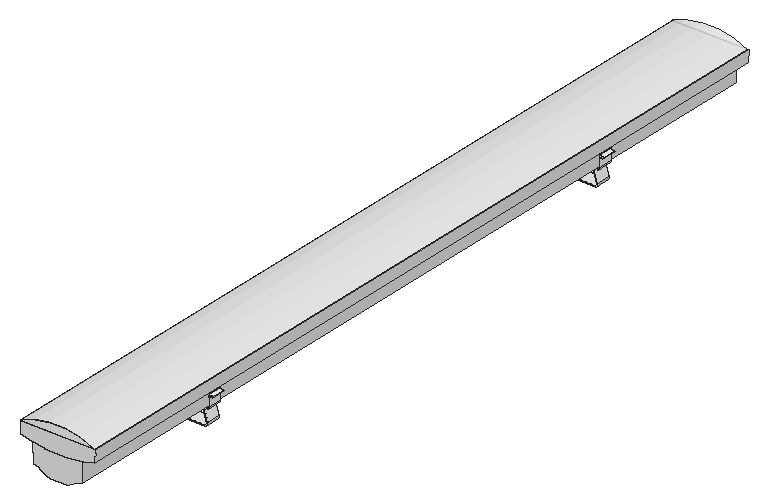
Revit family "Lighting-Industrial-GEWISS-SMART[3]-WATERTIGHT-LED_OPAL_1200mm", category Apparecchi per illuminazione, host Superficie, Revit 2019
Family settings
  Host = Superficie
  Quota connettore circolare = Usa diametro
  Tipo di parte = Normale
  Numero OmniClass = 23.80.70.11
  Titolo OmniClass = Luminaries for Internal Lighting
  Taglio con vuoti quando caricato = No
  Sorgente d'illuminazione = No
  Condiviso = No
  Punto di calcolo locali = Sì
Parameters (values of type "GWS3236PD30K - SMART3 LED 1200 2X36 OPALE DALI 30K")
  Working temperature = "-25 +50 °C"
  Weight (kg): = "2"
  Warranty = "5 years"
  Voltage = "220/240 V - 50/60 Hz - Dali"
  Visibilita_etichetta [instance] = yes
  Version file RFA = "20.11"
  URL = "https://www.gewiss.com/ww/en"
  Typology = "DALI"
  Type of light source = "LED - Not replaceable"
  Technical sheet = "https://www.gewiss.com/ww/en/search?q=GWS3236PD30K"
  System power = "40W"
  Struttura = GEWISS - SMART 3 - GRIGIO
  Stampa 1_200 = no
  Stampa 1_100 = not(Stampa 1_200)  # yes
  Spostamento_Y_etichetta [instance] = 0 mm
  Spostamento_Y_effettivo_etichetta [instance] = 1500 mm - Spostamento_Y_etichetta  # 1500 mm
  Spostamento_X_etichetta [instance] = 0 mm
  Spostamento_X_effettivo_etichetta [instance] = 1500 mm - Spostamento_X_etichetta  # 1500 mm
  Shock resistance = "IK08"
  Shield type = "Opal"
  Schermo. = Gewiss - Led Acceso
  SEO = "Luminaire"
  Realized by GEWISS S.p.A. = ""
  Default Elevation = 1219.2 mm
  Produttore = "GEWISS S.p.A."
  Operating temperature: = "-30 +50 °C"
  Nominal flux (lm) = "5500"
  No. LED (#) = "63"
  Modello = "GWS3236PD30K"
  Lunghezza Lampada = 1200 mm  # constant formula
  Lumen output (lm) = "4500"
  Length = "1200 mm"
  Lampada = "LED"
  Lamp = "LED"
  LED LifeTime (L80B20) = "85000H"
  LED Life time (L80B50) = "100000H"
  LED Life time (L70) = "80000H"
  LED Life Time (L90B50) = "50000H"
  Insulation class = "II"
  Immagine tipo = GWS3136P.jpg
  IP degree = "IP66/IP69"
  IFC.TypeObject = ""
  IFC.ExportType = ""
  IFC.ExportAs = ""
  IDT = "6d1ae202-d28e-42ab-a03c-f890c181dcac"
  IDF = "ad29ddb6-f95d-4c90-95e8-3fbb30e2f282"
  Glow Wire Test = "850°C"
  Ganci = GEWISS  - ALLUMINIO
  Failure rate apparecchio (50.000h, Tq=25Â° C) = "<2,5%"
  Failure rate apparecchio (35.000h, Tq=35Â° C) = "<2,5%"
  Electrocod = "2434"
  Efficiency class of integrated LEDs = "A ÷ A++"
  EAN code = "8011564877061"
  Driver type = "Constant Current Driver Led"
  Device with reduced surface temperature = "Complying"
  Descrizione = "SMART3 1200 63LED OPALE DALI 30K"
  Commenti sul wattaggio = "45W"
  Colour temperature: = "3000 K (CRI 80)"
  Colour temperature = "3000 K (CRI 80)"
  Catalogue Range = "SMART [3]"
  Catalogue = "LIGHTING"
  Carico apparente = 45 VA
  COBie.Tagnumber = ""
  COBie.CreatedOn = ""
  COBie.CreatebBy = ""
  COBie.ComponentRegisterItemID = ""
  COBie.Component.TagNumber = ""
  COBie.Component.Space = ""
  COBie.Component.SerialNumber = ""
  COBie.Component.InstallationDate = ""
  COBie.Component.Description = ""
  COBie.Component.BarCode = ""
  Application = "Internal"
Types (17, lengths in mm): name | Voltage | Typology | Technical sheet | System power | Shield type | Nominal flux (lm) | No. LED (#) | Modello | Lumen output (lm) | IDT | EAN code | Descrizione | Commenti sul wattaggio | Colour temperature: | Colour temperature | Carico apparente
  (no name) | "220/240 V - 50/60 Hz - Dali" | "DALI" | "https://www.gewiss.com/ww/en/search?q=GWS3236PD30K" | "40W" | "Opal" | "5500" | "63" | "GWS3236PD30K" | "4500" | "6d1ae202-d28e-42ab-a03c-f890c181dcac" | "8011564877061" | "SMART3 1200 63LED OPALE DALI 30K" | "20W" | "3000 K (CRI 80)" | "3000 K (CRI 80)" | 20 VA
  GWS3236P57K - SMART3 LED 1200 2X36 OPAL 57K | "220/240 V - 50/60 Hz - Stand alone" | "Stand alone" | "https://www.gewiss.com/ww/en/search?q=GWS3236P57K" | "40W" | "Opal" | "5500" | "63" | "GWS3236P57K" | "4500" | "f4670a3a-d920-4993-b4a1-7a7209a80b32" | "8011564872417" | "SMART3 1200 63LED OPALE 57K" | "43W" | "5700 K (CRI 80)" | "5700 K (CRI 80)" | 43 VA
  GWS3236PD - SMART3 LED 1200 2X36 OPAL DALI | "220/240 V - 50/60 Hz - Dali" | "DALI" | "https://www.gewiss.com/ww/en/search?q=GWS3236PD" | "40W" | "Opal" | "5500" | "63" | "GWS3236PD" | "4500" | "bcbc1ff6-813a-452e-a920-af4e6536ddc7" | "8011564869226" | "SMART3 1200 63LED OPALE DALI" | "45W" | "4000 K (CRI 80)" | "4000 K (CRI 80)" | 45 VA
  GWS3236PD30K - SMART3 LED 1200 2X36 OPALE DALI 30K | "220/240 V - 50/60 Hz - Dali" | "DALI" | "https://www.gewiss.com/ww/en/search?q=GWS3236PD30K" | "40W" | "Opal" | "5500" | "63" | "GWS3236PD30K" | "4500" | "6d1ae202-d28e-42ab-a03c-f890c181dcac" | "8011564877061" | "SMART3 1200 63LED OPALE DALI 30K" | "45W" | "3000 K (CRI 80)" | "3000 K (CRI 80)" | 45 VA
  GWS3236PD57K - SMART3 LED 1200 2X36 OPAL DALI 57K | "220/240 V - 50/60 Hz - Dali" | "DALI" | "https://www.gewiss.com/ww/en/search?q=GWS3236PD57K" | "40W" | "Opal" | "5500" | "63" | "GWS3236PD57K" | "4500" | "9f6dd6ad-c686-4a06-881d-54e529a95397" | "8011564877078" | "SMART3 1200 63LED OPALE DALI 57K" | "45W" | "5700 K (CRI 80)" | "5700 K (CRI 80)" | 45 VA
  GWS3136PL - SMART3 LED 1200 1X36 OPALE LP | "220/240 V - 50/60 Hz - Stand alone" | "Stand alone" | "https://www.gewiss.com/ww/en/search?q=GWS3136PL" | "20W" | "Opal with feed-through wiring" | "2900" | "54" | "GWS3136PL" | "2300" | "74bcd6f5-0182-4508-bd13-301becc1230f" | "8011564857582" | "SMART3 1200 54LED OPALE LP" | "20W" | "4000 K (CRI 80)" | "4000 K (CRI 80)" | 20 VA
  GWS3136PLD - SMART3 LED 1200 1X36 OPALE DALI LP | "220/240 V - 50/60 Hz - Dali" | "DALI" | "https://www.gewiss.com/ww/en/search?q=GWS3136PLD" | "21W" | "Opal with feed-through wiring" | "2900" | "54" | "GWS3136PLD" | "2300" | "20602e6c-2f47-4c8c-bf98-4875574b0b81" | "8011564872042" | "SMART3 1200 54LED OPALE DALI LP" | "20W" | "4000 K (CRI 80)" | "4000 K (CRI 80)" | 20 VA
  GWS3236PL - SMART3 LED 1200 2X36 OPAL QW | "220/240 V - 50/60 Hz - Stand alone" | "Stand alone" | "https://www.gewiss.com/ww/en/search?q=GWS3236PL" | "40W" | "Opal with feed-through wiring" | "5500" | "63" | "GWS3236PL" | "4500" | "6bdd60c4-5580-4a93-9967-79fe81d7c187" | "8011564857605" | "SMART3 1200 63LED OPALE LP" | "43W" | "4000 K (CRI 80)" | "4000 K (CRI 80)" | 43 VA
  GWS3236PL30K - SMART3 LED 1200 2X36 OPALE 30K LP | "220/240 V - 50/60 Hz - Stand alone" | "Stand alone" | "https://www.gewiss.com/ww/en/search?q=GWS3236PL30K" | "40W" | "Opal with feed-through wiring" | "5500" | "63" | "GWS3236PL30K" | "4500" | "3fef82af-84ed-4717-abe7-9d98b095e320" | "8011564871946" | "SMART3 1200 63LED OPALE 30K LP" | "43W" | "3000 K (CRI 80)" | "3000 K (CRI 80)" | 43 VA
  GWS3236PL57K - SMART3 LED 1200 2X36 OPAL 57K QW | "220/240 V - 50/60 Hz - Stand alone" | "Stand alone" | "https://www.gewiss.com/ww/en/search?q=GWS3236PL57K" | "40W" | "Opal with feed-through wiring" | "5500" | "63" | "GWS3236PL57K" | "4500" | "abc0ed3b-bac7-4374-b21a-7809df3421c4" | "8011564872455" | "SMART3 1200 63LED OPALE 57K LP" | "43W" | "5700 K (CRI 80)" | "5700 K (CRI 80)" | 43 VA
  GWS3236PLD - SMART3 LED 1200 2X36 OPAL DALI QW | "220/240 V - 50/60 Hz - Dali" | "DALI" | "https://www.gewiss.com/ww/en/search?q=GWS3236PLD" | "40W" | "Opal with feed-through wiring" | "5500" | "63" | "GWS3236PLD" | "4500" | "0548514d-88ff-44da-8324-ba3c1dc94def" | "8011564872035" | "SMART3 1200 63LED OPALE DALI LP" | "45W" | "4000 K (CRI 80)" | "4000 K (CRI 80)" | 45 VA
  GWS3236PLD30K - SMART3 LED 1200 2X36 OPALE DALI 30K LP | "220/240 V - 50/60 Hz - Dali" | "DALI" | "https://www.gewiss.com/ww/en/search?q=GWS3236PLD30K" | "40W" | "Opal with feed-through wiring" | "5500" | "63" | "GWS3236PLD30K" | "4500" | "e33183f5-e4b9-4046-988c-2f97ef39d33e" | "8011564877085" | "SMART3 1200 63LED OPALE DALI 30K LP" | "45W" | "3000 K (CRI 80)" | "3000 K (CRI 80)" | 45 VA
  GWS3236PLD57K - SMART3 LED 1200 2X36 OPALE DALI 57K LP | "220/240 V - 50/60 Hz - Dali" | "DALI" | "https://www.gewiss.com/ww/en/search?q=GWS3236PLD57K" | "40W" | "Opal with feed-through wiring" | "5500" | "63" | "GWS3236PLD57K" | "4500" | "a2817ed0-fa27-4c19-a29a-9b6083e21286" | "8011564877092" | "SMART3 1200 63LED OPALE DALI 57K LP" | "45W" | "5700 K (CRI 80)" | "5700 K (CRI 80)" | 45 VA
  GWS3136P - SMART3 LED 1200 1X36 OPALE | "220/240 V - 50/60 Hz - Stand alone" | "Stand alone" | "https://www.gewiss.com/ww/en/search?q=GWS3136P" | "20W" | "Opal" | "2900" | "54" | "GWS3136P" | "2300" | "9dfc6fcb-4477-4ddc-83d0-90dad949a377" | "8011564857537" | "SMART3 1200 54LED OPALE" | "20W" | "4000 K (CRI 80)" | "4000 K (CRI 80)" | 20 VA
  GWS3236P - SMART3 LED 1200 2X36 OPAL | "220/240 V - 50/60 Hz - Stand alone" | "Stand alone" | "https://www.gewiss.com/ww/en/search?q=GWS3236P" | "40W" | "Opal" | "5500" | "63" | "GWS3236P" | "4500" | "ee5477fc-5d5a-4ab9-b357-8ea4dd7ac4dc" | "8011564857568" | "SMART3 1200 63LED OPALE" | "43W" | "4000 K (CRI 80)" | "4000 K (CRI 80)" | 43 VA
  GWS3236P30K - SMART3 LED 1200 2X36 OPALE 30K | "220/240 V - 50/60 Hz - Stand alone" | "Stand alone" | "https://www.gewiss.com/ww/en/search?q=GWS3236P30K" | "40W" | "Opal" | "5500" | "63" | "GWS3236P30K" | "4500" | "4de1e3c8-6dd7-4664-82c6-78de08505db0" | "8011564872615" | "SMART3 1200 63LED OPALE 30K" | "43W" | "3000 K (CRI 80)" | "3000 K (CRI 80)" | 43 VA
  GWS3136PD - SMART3 LED 1200 1X36 OPALE DALI | "220/240 V - 50/60 Hz - Dali" | "DALI" | "https://www.gewiss.com/ww/en/search?q=GWS3136PD" | "21W" | "Opal" | "2900" | "54" | "GWS3136PD" | "2300" | "72726cfb-c859-47d2-bd20-1617affb04b6" | "8011564869196" | "SMART3 1200 54LED OPALE DALI" | "20W" | "4000 K (CRI 80)" | "4000 K (CRI 70)" | 20 VA
Reference planes
  plane 1 "Centro (Fronte/Retro)": y = 0
  plane 2: z = 0
  plane 3 "Centro (Sinistra/Destra)": x = 0
  plane 4: x = -1500
  plane 5: y = -1500
  plane 6: x = 0
  plane 7: y = 0
Forms (mm)
  Extrusion 1, solid, material "GEWISS  - ALLUMINIO" <- "Ganci", detail levels medium+fine
    sketch origin (0, 0, 0) x (1, 0, 0) y (0, 0, 1)
      loop
        arc (31.431, -0.002) -> (34.576, 1.589) -> (35.156, 5.066) r 3.903
        line (35.156, 5.066) -> (29.612, 23.211)
        arc (29.612, 23.211) -> (29.883, 24.381) -> (31.032, 24.73) r 1.2
        line (31.032, 24.73) -> (34.307, 23.974)
        arc (34.307, 23.974) -> (36.765, 24.53) -> (37.859, 26.8) r 2.9
        line (37.859, 26.8) -> (37.859, 38.8)
        arc (37.859, 38.8) -> (37.648, 39.694) -> (37.059, 40.4) r 2
        line (37.059, 40.4) -> (37.059, 42.71) -> (42.861, 40.598) -> (43.203, 41.538) -> (37.53, 43.603)
        arc (37.53, 43.603) -> (37.019, 43.613) -> (36.605, 43.311) r 0.8
        line (36.605, 43.311) -> (36.306, 26.139)
        arc (36.306, 26.139) -> (35.6, 25.444) -> (34.616, 25.34) r 1.5
        line (34.616, 25.34) -> (31.344, 26.095)
        arc (31.344, 26.095) -> (28.858, 25.335) -> (28.273, 22.802) r 2.6
        line (28.273, 22.802) -> (33.827, 4.636)
        arc (33.827, 4.636) -> (33.449, 2.415) -> (31.438, 1.4) r 2.5
        line (31.438, 1.4) -> (-31.437, 1.4)
        arc (-31.437, 1.4) -> (-33.449, 2.415) -> (-33.827, 4.636) r 2.5
        line (-33.827, 4.636) -> (-28.273, 22.802)
        arc (-28.273, 22.802) -> (-28.858, 25.335) -> (-31.344, 26.095) r 2.6
        line (-31.344, 26.095) -> (-34.616, 25.34)
        arc (-34.616, 25.34) -> (-35.6, 25.444) -> (-36.306, 26.139) r 1.5
        line (-36.306, 26.139) -> (-36.605, 43.311)
        arc (-36.605, 43.311) -> (-37.019, 43.613) -> (-37.53, 43.603) r 0.8
        line (-37.53, 43.603) -> (-43.203, 41.538) -> (-42.861, 40.598) -> (-37.059, 42.71) -> (-37.059, 40.4)
        arc (-37.059, 40.4) -> (-37.648, 39.694) -> (-37.859, 38.8) r 2
        line (-37.859, 38.8) -> (-37.859, 26.8)
        arc (-37.859, 26.8) -> (-36.765, 24.53) -> (-34.307, 23.974) r 2.9
        line (-34.307, 23.974) -> (-31.032, 24.73)
        arc (-31.032, 24.73) -> (-29.883, 24.381) -> (-29.612, 23.211) r 1.2
        line (-29.612, 23.211) -> (-35.156, 5.066)
        arc (-35.156, 5.066) -> (-34.576, 1.589) -> (-31.431, -0.002) r 3.903
        line (-31.431, -0.002) -> (31.431, -0.002)
    from 348.766 to 368.766
  Extrusion 2, solid, material "GEWISS  - ALLUMINIO" <- "Ganci", detail levels medium+fine
    sketch origin (0, 0, 0) x (1, 0, 0) y (0, 0, -1)
      loop
        line (31.431, 0.002) -> (-31.431, 0.002)
        arc (-31.431, 0.002) -> (-34.576, -1.589) -> (-35.156, -5.066) r 3.903
        line (-35.156, -5.066) -> (-29.612, -23.211)
        arc (-29.612, -23.211) -> (-29.883, -24.381) -> (-31.032, -24.73) r 1.2
        line (-31.032, -24.73) -> (-34.307, -23.974)
        arc (-34.307, -23.974) -> (-36.765, -24.53) -> (-37.859, -26.8) r 2.9
        line (-37.859, -26.8) -> (-37.859, -38.8)
        arc (-37.859, -38.8) -> (-37.648, -39.694) -> (-37.059, -40.4) r 2
        line (-37.059, -40.4) -> (-37.059, -42.71) -> (-42.861, -40.598) -> (-43.203, -41.538) -> (-37.53, -43.603)
        arc (-37.53, -43.603) -> (-37.019, -43.613) -> (-36.605, -43.311) r 0.8
        line (-36.605, -43.311) -> (-36.306, -26.139)
        arc (-36.306, -26.139) -> (-35.6, -25.444) -> (-34.616, -25.34) r 1.5
        line (-34.616, -25.34) -> (-31.344, -26.095)
        arc (-31.344, -26.095) -> (-28.858, -25.335) -> (-28.273, -22.802) r 2.6
        line (-28.273, -22.802) -> (-33.827, -4.636)
        arc (-33.827, -4.636) -> (-33.449, -2.415) -> (-31.437, -1.4) r 2.5
        line (-31.437, -1.4) -> (31.438, -1.4)
        arc (31.438, -1.4) -> (33.449, -2.415) -> (33.827, -4.636) r 2.5
        line (33.827, -4.636) -> (28.273, -22.802)
        arc (28.273, -22.802) -> (28.858, -25.335) -> (31.344, -26.095) r 2.6
        line (31.344, -26.095) -> (34.616, -25.34)
        arc (34.616, -25.34) -> (35.6, -25.444) -> (36.306, -26.139) r 1.5
        line (36.306, -26.139) -> (36.605, -43.311)
        arc (36.605, -43.311) -> (37.019, -43.613) -> (37.53, -43.603) r 0.8
        line (37.53, -43.603) -> (43.203, -41.538) -> (42.861, -40.598) -> (37.059, -42.71) -> (37.059, -40.4)
        arc (37.059, -40.4) -> (37.648, -39.694) -> (37.859, -38.8) r 2
        line (37.859, -38.8) -> (37.859, -26.8)
        arc (37.859, -26.8) -> (36.765, -24.53) -> (34.307, -23.974) r 2.9
        line (34.307, -23.974) -> (31.032, -24.73)
        arc (31.032, -24.73) -> (29.883, -24.381) -> (29.612, -23.211) r 1.2
        line (29.612, -23.211) -> (35.156, -5.066)
        arc (35.156, -5.066) -> (34.576, -1.589) -> (31.431, 0.002) r 3.903
    from 348.766 to 368.766
  Extrusion 3, solid, material "GEWISS - SMART 3 - GRIGIO" <- "Struttura", detail levels medium+fine
    sketch origin (0, 0, 0) x (1, 0, 0) y (0, 0, 1)
      loop
        line (-36.331, 55.757) -> (-35.847, 28.018)
        arc (-35.847, 28.018) -> (-33.139, 27.27) -> (-30.416, 26.58) r 129.5
        arc (-30.416, 26.58) -> (-28.066, 25.76) -> (-25.915, 24.506) r 13
        arc (-25.915, 24.506) -> (-24.23, 23.324) -> (-22.521, 22.178) r 99.5
        arc (-22.521, 22.178) -> (-16.401, 19.063) -> (-9.748, 17.365) r 31.146
        line (-9.748, 17.365) -> (12.491, 17.365)
        arc (12.491, 17.365) -> (17.822, 19.098) -> (22.764, 21.745) r 31.646
        arc (22.764, 21.745) -> (24.509, 22.915) -> (26.228, 24.122) r 100
        arc (26.228, 24.122) -> (28.283, 25.313) -> (30.525, 26.095) r 12.5
        arc (30.525, 26.095) -> (33.437, 26.834) -> (36.332, 27.64) r 130
        line (36.332, 27.64) -> (36.824, 55.851)
        arc (36.824, 55.851) -> (24.914, 53.937) -> (12.909, 52.764) r 195.047
        line (12.909, 52.764) -> (-12.909, 52.764)
        arc (-12.909, 52.764) -> (-24.665, 53.905) -> (-36.331, 55.757) r 195.047
    from -600 to 600
  Extrusion 4, solid, material "GEWISS - SMART 3 - GRIGIO" <- "Struttura", detail levels medium+fine
    sketch origin (0, 0, 0) x (1, 0, 0) y (0, 0, 1)
      loop
        line (54.725, 60.184) -> (55.177, 77.445) -> (-55.177, 77.445) -> (-54.725, 60.184)
        arc (-54.725, 60.184) -> (-34.019, 55.332) -> (-12.909, 52.764) r 195.047
        line (-12.909, 52.764) -> (12.909, 52.764)
        arc (12.909, 52.764) -> (34.019, 55.332) -> (54.725, 60.184) r 195.047
    from -600 to 600
  Extrusion 5, solid, material "Gewiss - Led Acceso" <- "Schermo.", detail levels medium+fine
    sketch origin (0, 0, 0) x (1, 0, 0) y (0, 0, 1)
      loop
        arc (54.697, 78.441) -> (-0.014, 90.457) -> (-54.723, 78.429) r 130.5
        arc (-54.723, 78.429) -> (-54.988, 77.838) -> (-54.5, 77.445) r 0.5
        line (-54.5, 77.445) -> (54.479, 77.445)
        arc (54.479, 77.445) -> (54.988, 77.855) -> (54.697, 78.441) r 0.522
    from -600 to 600
  Extrusion 6, solid, material "GEWISS - SMART 3 - GRIGIO" <- "Struttura", detail levels coarse
    sketch origin (0, 0, 0) x (1, 0, 0) y (0, 0, 1)
      loop
        line (-54.5, 90.439) -> (-54.5, 0) -> (54.5, 0) -> (54.5, 90.439) -> (-54.5, 90.439)
    from -600 to 600
Lines and regions (mm)
  Masking region 1
    outline origin (0, 0, 0) x (1, 0, 0) y (0, 1, 0)
      loop
        line (-55.177, 600) -> (-55.177, -600) -> (55.177, -600) -> (55.177, 600) -> (-55.177, 600)
  symbolic lines, style "GEWISS - LIGHT 2D"
    curve 1: line (0, 488.766, 0) -> (0, -535.897, 0)
Dimensions and locks
  plane 4 to plane 3 "Centro (Sinistra/Destra)" = 1500 mm
  "Spostamento_X_effettivo_etichetta": plane 4 to plane 6
  plane 1 "Centro (Fronte/Retro)" to plane 5 = 1500 mm
  "Spostamento_Y_effettivo_etichetta": plane 7 to plane 5
  aligned and locked: plane 2 to host face
  aligned and locked: level to host face
  aligned and locked: Masking region 1 sketch curve to Extrusion 4  (x4)
  aligned and locked: nested 1 to plane 7
  aligned and locked: plane 6 to nested 1
  aligned and locked: curve 1 to plane 3 "Centro (Sinistra/Destra)"
Automatic sketch dimensions
  host sketch curve to host sketch curve = 2438.4 mm  (x2)
  Extrusion 1 sketch curve to Extrusion 1 sketch curve = 0 mm  (x28)
  Extrusion 1 sketch curve to plane 3 "Centro (Sinistra/Destra)" = 43.203 mm
  level to Extrusion 1 sketch curve = 40.598 mm
  Extrusion 1 sketch curve to Extrusion 1 sketch curve = 0.342 mm  (x2)
  Extrusion 1 sketch curve to Extrusion 1 sketch curve = 5.002 mm  (x2)
  Extrusion 1 sketch curve to Extrusion 1 sketch curve = 0.329 mm
  Extrusion 1 sketch curve to Extrusion 1 sketch curve = 0.271 mm  (x2)
  Extrusion 1 sketch curve to Extrusion 1 sketch curve = 0.8 mm  (x2)
  Extrusion 1 sketch curve to Extrusion 1 sketch curve = 0.454 mm  (x2)
  Extrusion 1 sketch curve to Extrusion 1 sketch curve = 1.554 mm
  Extrusion 1 sketch curve to Extrusion 1 sketch curve = 2 mm
  level to Extrusion 1 sketch curve = 5.066 mm  (x2)
  Extrusion 1 sketch curve to Extrusion 1 sketch curve = 1.15 mm
  Extrusion 1 sketch curve to Extrusion 1 sketch curve = 1.346 mm  (x2)
  Extrusion 1 sketch curve to Extrusion 1 sketch curve = 0.343 mm  (x2)
  level to Extrusion 1 sketch curve = 4.636 mm  (x2)
  Extrusion 1 sketch curve to Extrusion 1 sketch curve = 1.329 mm  (x2)
  level to Extrusion 1 sketch curve = 1.4 mm
  Extrusion 1 sketch curve to Extrusion 1 sketch curve = 2.389 mm  (x2)
  Extrusion 1 sketch curve to Extrusion 1 sketch curve = 0.007 mm  (x2)
  Extrusion 1 sketch curve to Extrusion 1 sketch curve = 3.584 mm  (x2)
  Extrusion 1 sketch curve to Extrusion 1 sketch curve = 0.273 mm  (x2)
  plane 3 "Centro (Sinistra/Destra)" to Extrusion 1 sketch curve = 30.759 mm
  Extrusion 1 sketch curve to level = 0.002 mm
  Extrusion 1 sketch curve to Extrusion 1 sketch curve = 0.672 mm
  Extrusion 1 sketch curve to Extrusion 1 sketch curve = 0.9 mm
  level to Extrusion 1 sketch curve = 26.139 mm
  Extrusion 1 sketch curve to Extrusion 1 sketch curve = 0.746 mm
  Extrusion 1 sketch curve to Extrusion 1 sketch curve = 0.2 mm
  Extrusion 1 sketch curve to Extrusion 1 sketch curve = 2.577 mm
  Extrusion 1 sketch curve to Extrusion 1 sketch curve = 18.496 mm
  Extrusion 1 sketch curve to Extrusion 1 sketch curve = 1.169 mm  (x2)
  Extrusion 1 sketch curve to Extrusion 1 sketch curve = 0.799 mm  (x2)
  Extrusion 1 sketch curve to Extrusion 1 sketch curve = 0.609 mm
  Extrusion 1 sketch curve to Extrusion 1 sketch curve = 1.798 mm  (x2)
  Extrusion 1 sketch curve to Extrusion 1 sketch curve = 12 mm
  Extrusion 1 sketch curve to Extrusion 1 sketch curve = 0.94 mm  (x2)
  Extrusion 1 sketch curve to Extrusion 1 sketch curve = 0.14 mm  (x2)
  Extrusion 1 sketch curve to Extrusion 1 sketch curve = 0.309 mm  (x2)
  Extrusion 1 sketch curve to Extrusion 1 sketch curve = 0.312 mm  (x2)
  Extrusion 1 sketch curve to Extrusion 1 sketch curve = 1.148 mm  (x2)
  Extrusion 1 sketch curve to Extrusion 1 sketch curve = 1.339 mm
  Extrusion 1 sketch curve to Extrusion 1 sketch curve = 2.486 mm
  Extrusion 1 sketch curve to Extrusion 1 sketch curve = 0.409 mm  (x2)
  Extrusion 2 sketch curve to Extrusion 2 sketch curve = 0 mm  (x28)
  Extrusion 2 sketch curve to plane 3 "Centro (Sinistra/Destra)" = 43.203 mm
  level to Extrusion 2 sketch curve = 40.598 mm
  Extrusion 2 sketch curve to Extrusion 2 sketch curve = 0.342 mm  (x2)
  Extrusion 2 sketch curve to Extrusion 2 sketch curve = 5.002 mm  (x2)
  Extrusion 2 sketch curve to Extrusion 2 sketch curve = 0.329 mm
  Extrusion 2 sketch curve to Extrusion 2 sketch curve = 0.271 mm  (x2)
  Extrusion 2 sketch curve to Extrusion 2 sketch curve = 0.8 mm  (x2)
  Extrusion 2 sketch curve to Extrusion 2 sketch curve = 0.454 mm  (x2)
  Extrusion 2 sketch curve to Extrusion 2 sketch curve = 1.554 mm
  Extrusion 2 sketch curve to Extrusion 2 sketch curve = 2 mm
  level to Extrusion 2 sketch curve = 5.066 mm  (x2)
  Extrusion 2 sketch curve to Extrusion 2 sketch curve = 1.15 mm
  Extrusion 2 sketch curve to Extrusion 2 sketch curve = 1.346 mm  (x2)
  Extrusion 2 sketch curve to Extrusion 2 sketch curve = 0.343 mm  (x2)
  level to Extrusion 2 sketch curve = 4.636 mm  (x2)
  Extrusion 2 sketch curve to Extrusion 2 sketch curve = 1.329 mm  (x2)
  level to Extrusion 2 sketch curve = 1.4 mm
  Extrusion 2 sketch curve to Extrusion 2 sketch curve = 2.389 mm  (x2)
  Extrusion 2 sketch curve to Extrusion 2 sketch curve = 0.007 mm  (x2)
  Extrusion 2 sketch curve to Extrusion 2 sketch curve = 3.584 mm  (x2)
  Extrusion 2 sketch curve to Extrusion 2 sketch curve = 0.273 mm  (x2)
  plane 3 "Centro (Sinistra/Destra)" to Extrusion 2 sketch curve = 30.759 mm
  Extrusion 2 sketch curve to level = 0.002 mm
  Extrusion 2 sketch curve to Extrusion 2 sketch curve = 0.672 mm
  Extrusion 2 sketch curve to Extrusion 2 sketch curve = 0.9 mm
  level to Extrusion 2 sketch curve = 26.139 mm
  Extrusion 2 sketch curve to Extrusion 2 sketch curve = 0.746 mm
  Extrusion 2 sketch curve to Extrusion 2 sketch curve = 0.2 mm
  Extrusion 2 sketch curve to Extrusion 2 sketch curve = 14.46 mm
  Extrusion 2 sketch curve to Extrusion 2 sketch curve = 0.94 mm  (x2)
  Extrusion 2 sketch curve to Extrusion 2 sketch curve = 0.14 mm  (x2)
  Extrusion 2 sketch curve to Extrusion 2 sketch curve = 2.31 mm  (x2)
  Extrusion 2 sketch curve to Extrusion 2 sketch curve = 12 mm
  Extrusion 2 sketch curve to Extrusion 2 sketch curve = 0.661 mm  (x2)
  Extrusion 2 sketch curve to Extrusion 2 sketch curve = 0.609 mm  (x2)
  Extrusion 2 sketch curve to Extrusion 2 sketch curve = 1.169 mm  (x2)
  Extrusion 2 sketch curve to Extrusion 2 sketch curve = 0.309 mm  (x2)
  Extrusion 2 sketch curve to Extrusion 2 sketch curve = 0.312 mm  (x2)
  Extrusion 2 sketch curve to Extrusion 2 sketch curve = 1.148 mm  (x2)
  Extrusion 2 sketch curve to Extrusion 2 sketch curve = 1.339 mm
  Extrusion 2 sketch curve to Extrusion 2 sketch curve = 2.486 mm
  Extrusion 2 sketch curve to Extrusion 2 sketch curve = 1.365 mm  (x2)
  Extrusion 3 sketch curve to plane 3 "Centro (Sinistra/Destra)" = 36.331 mm
  Extrusion 3 sketch curve to Extrusion 3 sketch curve = 0.484 mm
  Extrusion 3 sketch curve to Extrusion 3 sketch curve = 2.34 mm
  Extrusion 3 sketch curve to plane 3 "Centro (Sinistra/Destra)" = 32.068 mm
  Extrusion 3 sketch curve to plane 3 "Centro (Sinistra/Destra)" = 12.909 mm
  Extrusion 3 sketch curve to plane 3 "Centro (Sinistra/Destra)" = 9.748 mm
  Extrusion 3 sketch curve to plane 3 "Centro (Sinistra/Destra)" = 5.421 mm
  Extrusion 3 sketch curve to plane 3 "Centro (Sinistra/Destra)" = 0.057 mm
  Extrusion 3 sketch curve to plane 3 "Centro (Sinistra/Destra)" = 0.007 mm
  Extrusion 3 sketch curve to plane 3 "Centro (Sinistra/Destra)" = 0.001 mm
  plane 3 "Centro (Sinistra/Destra)" to Extrusion 3 sketch curve = 0.057 mm
  plane 3 "Centro (Sinistra/Destra)" to Extrusion 3 sketch curve = 5.412 mm
  plane 3 "Centro (Sinistra/Destra)" to Extrusion 3 sketch curve = 12.491 mm
  Extrusion 3 sketch curve to Extrusion 3 sketch curve = 7.496 mm
  plane 3 "Centro (Sinistra/Destra)" to Extrusion 3 sketch curve = 32.059 mm
  Extrusion 3 sketch curve to Extrusion 3 sketch curve = 21.008 mm
  Extrusion 3 sketch curve to Extrusion 3 sketch curve = 2.833 mm
  Extrusion 3 sketch curve to Extrusion 3 sketch curve = 23.916 mm
  level to Extrusion 3 sketch curve = 13.953 mm  (x2)
  level to Extrusion 3 sketch curve = 17.365 mm  (x2)
  Extrusion 3 sketch curve to Extrusion 3 sketch curve = 13.687 mm
  Extrusion 3 sketch curve to Extrusion 3 sketch curve = 14.064 mm
  Extrusion 3 sketch curve to Extrusion 3 sketch curve = 30.844 mm
  Extrusion 3 sketch curve to Extrusion 3 sketch curve = 0 mm  (x3)
  Extrusion 3 sketch curve to Extrusion 3 sketch curve = 4.555 mm
  Extrusion 3 sketch curve to Extrusion 3 sketch curve = 2.993 mm
  Extrusion 3 sketch curve to Extrusion 3 sketch curve = 3.087 mm
  Extrusion 3 sketch curve to Extrusion 3 sketch curve = 49.52 mm
  Extrusion 3 sketch curve to Extrusion 3 sketch curve = 49.615 mm
  Extrusion 3 sketch curve to Extrusion 3 sketch curve = 47.089 mm
  Extrusion 3 sketch curve to Extrusion 3 sketch curve = 5.431 mm
  Extrusion 3 sketch curve to Extrusion 3 sketch curve = 4.5 mm
  Extrusion 3 sketch curve to Extrusion 3 sketch curve = 10.273 mm
  Extrusion 3 sketch curve to Extrusion 3 sketch curve = 3.465 mm
  Extrusion 3 sketch curve to Extrusion 3 sketch curve = 4.297 mm
  Extrusion 4 sketch curve to plane 3 "Centro (Sinistra/Destra)" = 55.177 mm
  Extrusion 4 sketch curve to Extrusion 4 sketch curve = 0.452 mm  (x2)
  Extrusion 4 sketch curve to plane 3 "Centro (Sinistra/Destra)" = 12.909 mm
  Extrusion 4 sketch curve to plane 3 "Centro (Sinistra/Destra)" = 0.057 mm
  plane 3 "Centro (Sinistra/Destra)" to Extrusion 4 sketch curve = 0.057 mm
  plane 3 "Centro (Sinistra/Destra)" to Extrusion 4 sketch curve = 12.909 mm
  Extrusion 4 sketch curve to Extrusion 4 sketch curve = 41.816 mm
  level to Extrusion 4 sketch curve = 52.764 mm
  Extrusion 4 sketch curve to Extrusion 4 sketch curve = 7.42 mm  (x2)
  Extrusion 4 sketch curve to Extrusion 4 sketch curve = 17.262 mm
  Extrusion 5 sketch curve to plane 3 "Centro (Sinistra/Destra)" = 0 mm
  Extrusion 5 sketch curve to plane 3 "Centro (Sinistra/Destra)" = 54.5 mm
  plane 3 "Centro (Sinistra/Destra)" to Extrusion 5 sketch curve = 54.479 mm
  Extrusion 5 sketch curve to level = 40.043 mm
  level to Extrusion 5 sketch curve = 77.445 mm
  Extrusion 5 sketch curve to Extrusion 5 sketch curve = 0.5 mm
  Extrusion 5 sketch curve to Extrusion 5 sketch curve = 0.522 mm
  Extrusion 5 sketch curve to Extrusion 5 sketch curve = 0.21 mm
  Extrusion 5 sketch curve to Extrusion 5 sketch curve = 0.014 mm
  Extrusion 5 sketch curve to Extrusion 5 sketch curve = 0 mm
  Extrusion 6 sketch curve to level = 0 mm
  Extrusion 6 sketch curve to plane 3 "Centro (Sinistra/Destra)" = 54.5 mm
  plane 3 "Centro (Sinistra/Destra)" to Extrusion 6 sketch curve = 54.5 mm
  Extrusion 6 sketch curve to Extrusion 6 sketch curve = 90.439 mm
  plane 1 "Centro (Fronte/Retro)" to curve 1 = 535.897 mm
  curve 1 to plane 1 "Centro (Fronte/Retro)" = 488.766 mm
Nested families
  nested 1: "ETICHETTA WATTAGGIO" at (0, 0, 0), visible <- "Visibilita_etichetta", type "ETICHETTA WATTAGGIO"
Connectors
  electrical at (0, 0, 0), driven by "Carico apparente"
    settings: on Masking region 1, index 1, voltage 230 V, apparent load 0 VA, apparent load phase1 45 VA, apparent load phase2 0 VA, apparent load phase3 0 VA, power factor 1, load classification "Illuminazione", number of poles 2, system type 31, power factor state 1, is connector primary yes, connector utility no, sub classification motor no, connector description ""
Definition of nested family "ETICHETTA WATTAGGIO"
  Parameters (values of type "ETICHETTA WATTAGGIO")
    GW - Potenza di sistema = ""
    GW - Numero LED = ""
    COMMENTI = "13W"
    1_200 = no
    1_100 = yes
  Reference planes
    plane 1: y = 0
    plane 2: x = 0
  Text (mm)
    label "GW - Potenza di sistema\nGW - Numero LED LED" at (-0.057, -0.214, 0), shows "GW - Potenza di sistema", "GW - Numero LED", visible <- "1_100"
    label "GW - Potenza di sistema\nGW - Numero LED LED " at (-0.057, -0.214, 0), shows "GW - Potenza di sistema", "GW - Numero LED", visible <- "1_200"
